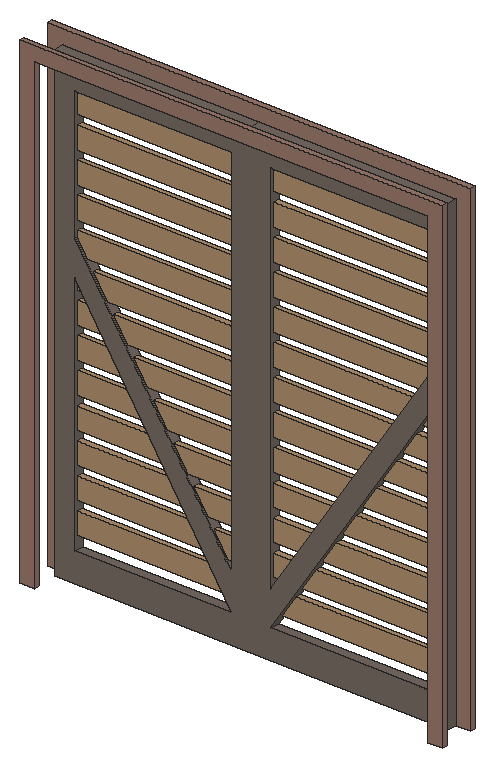
Revit family "newDecorative_Door_Panel_9294", category Doors, host Wall, Revit 2018
Family settings
  Host = Wall
  Always vertical = Yes
  Cut with Voids When Loaded = No
  Shared = No
  Room Calculation Point = No
Parameters (values of type "2000 x 2400")
  Thickness = 51.00 mm
  Function = Interior
  Door Material Inside = Door - Panel
  Door Material = Door - Panel 2
  Frame Material = Door - Frame
  Height = 2400.00 mm
  Trim Projection Ext = 25.00 mm
  Trim Projection Int = 25.00 mm
  Trim Width = 76.00 mm
  Wall Closure = By host
  Width = 2000.00 mm
  Assembly Code = ""
Types (6, lengths in mm): name | Door Material | Height | Width
  1830 x 1981mm | Door - Panel | 1981.00 | 1830.00
  1830 x 2083mm | Door - Panel | 2083.00 | 1830.00
  1830 x 2134mm | Door - Panel | 2400.00 | 2000.00
  1730 x 2134mm | Door - Panel | 2134.00 | 1730.00
  1730 x 2032mm | Door - Panel | 2032.00 | 1730.00
  2000 x 2400 | Door - Panel 2 | 2400.00 | 2000.00
Reference planes
  plane 1: y = 0
  plane 2: z = 0
  plane 3 "Center": x = 0
  plane 4 "Left": x = -1000
  plane 5 "Right": x = 1000
  plane 6 "Top": z = 2400
  plane 7: z = 2250
  plane 8: z = 1066.8
  plane 9: z = 863.6
  plane 10: z = 150
  plane 11: x = 898.4
  plane 12: x = 538.1
  plane 13: x = 461.9
  plane 14: x = 101.6
  plane 15: x = -101.6
  plane 16: x = -461.9
  plane 17: x = -538.1
  plane 18: x = -898.4
  plane 19: x = 500
  plane 20: x = -500
Forms (mm)
  Extrusion 1, solid, material "Door - Frame" <- "Frame Material"
    sketch origin (-2286, -76.2, 0) x (1, 0, 0) y (0, 0, 1)
      loop
        line (1286, 0) -> (1286, 2400) -> (3286, 2400) -> (3286, 0) -> (3362, 0) -> (3362, 2476) -> (1210, 2476) -> (1210, 0) -> (1286, 0)
    from 0 to 25
  Extrusion 2, solid, material "Door - Panel 2" <- "Door Material"
    sketch origin (-2286, 101.6, 0) x (-1, 0, 0) y (0, 0, 1)
      loop
        line (-3286, 2400) -> (-3286, 0) -> (-2286, 0) -> (-1286, 0) -> (-1286, 2400) -> (-2286, 2400) -> (-3286, 2400)
      loop
        line (-3184.4, 1396.719) -> (-3184.4, 150) -> (-2387.57, 150) -> (-3184.4, 1396.719)
      loop
        line (-2184.43, 150) -> (-1387.6, 150) -> (-1387.6, 1396.719) -> (-2184.43, 150)
      loop
        line (-3185.671, 1578.708) -> (-2387.57, 330) -> (-2387.57, 2250) -> (-3185.671, 2250) -> (-3185.671, 1578.708)
      loop
        line (-1386.329, 1578.708) -> (-1386.329, 2250) -> (-2184.43, 2250) -> (-2184.43, 330) -> (-1386.329, 1578.708)
    from -25.4 to -76.4
  Extrusion 3, solid, material "Door - Panel" <- "Door Material Inside"
    sketch origin (-2286, 76.2, 0) x (-1, 0, 0) y (0, 0, 1)
      loop
        line (-3184.4, 2250) -> (-3184.4, 2137.613) -> (-2387.57, 2137.613) -> (-2387.57, 2250) -> (-3184.4, 2250)
      loop
        line (-3184.4, 2090) -> (-3184.4, 1977.613) -> (-2387.57, 1977.613) -> (-2387.57, 2090) -> (-3184.4, 2090)
      loop
        line (-3184.4, 1930) -> (-3184.4, 1817.613) -> (-2387.57, 1817.613) -> (-2387.57, 1930) -> (-3184.4, 1930)
      loop
        line (-3184.4, 1770) -> (-3184.4, 1657.613) -> (-2387.57, 1657.613) -> (-2387.57, 1770) -> (-3184.4, 1770)
      loop
        line (-3184.4, 1610) -> (-3184.4, 1497.613) -> (-2387.57, 1497.613) -> (-2387.57, 1610) -> (-3184.4, 1610)
      loop
        line (-3184.4, 1450) -> (-3184.4, 1337.613) -> (-2387.57, 1337.613) -> (-2387.57, 1450) -> (-3184.4, 1450)
      loop
        line (-3184.4, 1290) -> (-3184.4, 1177.613) -> (-2387.57, 1177.613) -> (-2387.57, 1290) -> (-3184.4, 1290)
      loop
        line (-3184.4, 1130) -> (-3184.4, 1017.613) -> (-2387.57, 1017.613) -> (-2387.57, 1130) -> (-3184.4, 1130)
      loop
        line (-3184.4, 970) -> (-3184.4, 857.613) -> (-2387.57, 857.613) -> (-2387.57, 970) -> (-3184.4, 970)
      loop
        line (-3184.4, 810) -> (-3184.4, 697.613) -> (-2387.57, 697.613) -> (-2387.57, 810) -> (-3184.4, 810)
      loop
        line (-3184.4, 650) -> (-3184.4, 537.613) -> (-2387.57, 537.613) -> (-2387.57, 650) -> (-3184.4, 650)
      loop
        line (-3184.4, 490) -> (-3184.4, 377.613) -> (-2387.57, 377.613) -> (-2387.57, 490) -> (-3184.4, 490)
      loop
        line (-3184.4, 330) -> (-3184.4, 217.613) -> (-2387.57, 217.613) -> (-2387.57, 330) -> (-3184.4, 330)
      loop
        line (-1387.6, 2250) -> (-2184.43, 2250) -> (-2184.43, 2137.613) -> (-1387.6, 2137.613) -> (-1387.6, 2250)
      loop
        line (-1387.6, 2090) -> (-2184.43, 2090) -> (-2184.43, 1977.613) -> (-1387.6, 1977.613) -> (-1387.6, 2090)
      loop
        line (-1387.6, 1930) -> (-2184.43, 1930) -> (-2184.43, 1817.613) -> (-1387.6, 1817.613) -> (-1387.6, 1930)
      loop
        line (-1387.6, 1770) -> (-2184.43, 1770) -> (-2184.43, 1657.613) -> (-1387.6, 1657.613) -> (-1387.6, 1770)
      loop
        line (-1387.6, 1610) -> (-2184.43, 1610) -> (-2184.43, 1497.613) -> (-1387.6, 1497.613) -> (-1387.6, 1610)
      loop
        line (-1387.6, 1450) -> (-2184.43, 1450) -> (-2184.43, 1337.613) -> (-1387.6, 1337.613) -> (-1387.6, 1450)
      loop
        line (-1387.6, 1290) -> (-2184.43, 1290) -> (-2184.43, 1177.613) -> (-1387.6, 1177.613) -> (-1387.6, 1290)
      loop
        line (-1387.6, 1130) -> (-2184.43, 1130) -> (-2184.43, 1017.613) -> (-1387.6, 1017.613) -> (-1387.6, 1130)
      loop
        line (-1387.6, 970) -> (-2184.43, 970) -> (-2184.43, 857.613) -> (-1387.6, 857.613) -> (-1387.6, 970)
      loop
        line (-1387.6, 810) -> (-2184.43, 810) -> (-2184.43, 697.613) -> (-1387.6, 697.613) -> (-1387.6, 810)
      loop
        line (-1387.6, 650) -> (-2184.43, 650) -> (-2184.43, 537.613) -> (-1387.6, 537.613) -> (-1387.6, 650)
      loop
        line (-1387.6, 490) -> (-2184.43, 490) -> (-2184.43, 377.613) -> (-1387.6, 377.613) -> (-1387.6, 490)
      loop
        line (-1387.6, 330) -> (-2184.43, 330) -> (-2184.43, 217.613) -> (-1387.6, 217.613) -> (-1387.6, 330)
    from -12.7 to -38.3
  Extrusion 4, solid, material "Door - Frame" <- "Frame Material"
    sketch origin (-1524, 76.2, 0) x (-1, 0, 0) y (0, 0, 1)
      loop
        line (-2600, 2476) -> (-2600, 0) -> (-2524, 0) -> (-2524, 2400) -> (-524, 2400) -> (-524, 0) -> (-448, 0) -> (-448, 2476) -> (-2600, 2476)
    from 0 to 25
Lines and regions (mm)
  Opening 1
    outline origin (-2286, -76.2, 0) x (1, 0, 0) y (0, 0, 1)
      loop
        line (1286, 0) -> (3286, 0) -> (3286, 2400) -> (1286, 2400) -> (1286, 0)
  symbolic lines, style "Plan Swing"
    curve 1: arc (-0.741, 76.2, 0) -> (-293.751, 783.588, 0) -> (-1001.139, 1076.598, 0) r 1000.398
    curve 2: arc (-0.741, 76.2, 0) -> (292.365, 783.87, 0) -> (1000.006, 1077.045, 0) r 1000.845
  symbolic lines, style "DoorsPanelProjection"
    curve 3: line (-1001.139, 76.2, 0) -> (-949, 76.2, 0)
    curve 4: line (-1001.139, 76.2, 0) -> (-1001.139, 1076.598, 0)
    curve 5: line (1000.006, 76.2, 0) -> (949, 76.2, 0)
    curve 6: line (1000.006, 76.2, 0) -> (1000.006, 1077.045, 0)
    curve 7: line (949, 76.2, 0) -> (949, 1075.74, 0)
    curve 10: line (948.955, 1075.74, 0) -> (1000.001, 1075.74, 0)
    curve 11: line (-1001.139, 1076.598, 0) -> (-949, 1076.598, 0)
    curve 12: line (-949, 1076.598, 0) -> (-949, 76.2, 0)
  model lines, style "DoorsPanelProjection"
    curve 8: line (0, 76.2, 2400) -> (0, 76.2, 0)
    curve 9: line (0, 25.2, 2400) -> (0, 25.2, 0)
  symbolic lines, style "Elevation Swing"
    curve 13: line (0, 0, 2400) -> (1000, 0, 1200)
    curve 14: line (0, 0, 0) -> (1000, 0, 1200)
    curve 15: line (0, 0, 2400) -> (-1000, 0, 1200)
    curve 16: line (-1000, 0, 1200) -> (0, 0, 0)
Text (mm)
  text "Exterior" at (-1490.41, 693.701, 0), in view "Floor Line"
  text "Interior" at (-1482.03, -638.649, 0), in view "Floor Line"
  text "Exterior" at (0, 1019.848, 3124.603), in view "Right"
  text "Interior" at (0, -1635.541, 3124.603), in view "Right"
  text "Interior" at (0, -787.806, 2867.919), in view "Left"
  text "Exterior" at (0, 1386.095, 2867.919), in view "Left"
Dimensions and locks
  equal spacing: plane 4 "Left", plane 3 "Center", plane 5 "Right"
  "Height": plane 2 to plane 6 "Top"
  "Trim Width": Extrusion 1 sketch curve to plane 4 "Left"
  "Trim Width": Extrusion 1 sketch curve to plane 5 "Right"
  "Trim Width": Extrusion 1 sketch curve to plane 6 "Top"
  "Trim Projection Int": Extrusion 1 to host wall
  plane 11 to plane 5 "Right" = 101.60 mm
  plane 18 to plane 4 "Left" = 101.60 mm
  plane 7 to plane 6 "Top" = 150.00 mm
  plane 9 to plane 8 = 203.20 mm
  host wall to plane 10 = 150.00 mm
  plane 14 to plane 3 "Center" to plane 15 = 101.60 mm locked, 101.60 mm locked
  "Thickness": Extrusion 2 to host wall
  "Trim Projection Ext": Extrusion 4 to host wall
  locked: Extrusion 2 to Extrusion 3 at 12.7
  "Trim Width": plane 6 "Top" to Extrusion 4 sketch curve
  "Trim Width": plane 5 "Right" to Extrusion 4 sketch curve
  "Trim Width": Extrusion 4 sketch curve to plane 4 "Left"
  "Thickness": curve 7 to plane 5 "Right"
  "Width": plane 4 "Left" to plane 5 "Right"
  "Thickness": plane 4 "Left" to curve 12
  equal spacing: plane 11, plane 19, plane 14
  plane 12 to plane 19 to plane 13 = 38.10 mm locked, 38.10 mm locked
  equal spacing: plane 15, plane 20, plane 18
  plane 16 to plane 20 to plane 17 = 38.10 mm locked, 38.10 mm locked
  equal spacing: level, curve 14, plane 6 "Top"
  equal spacing: level, curve 16, plane 6 "Top"
  aligned and locked: plane 4 "Left" to Opening 1 sketch curve
  aligned and locked: plane 6 "Top" to Opening 1 sketch curve  (x2)
  aligned and locked: Opening 1 sketch curve to plane 5 "Right"
  aligned and locked: Opening 1 sketch curve to level
  aligned and locked: plane 4 "Left" to Extrusion 1 sketch curve
  aligned and locked: plane 6 "Top" to Extrusion 1 sketch curve  (x2)
  aligned and locked: plane 5 "Right" to Extrusion 1 sketch curve  (x2)
  aligned and locked: level to Extrusion 1 sketch curve
  aligned and locked: Extrusion 1 sketch curve to level
  aligned and locked: plane 2 to Extrusion 1 sketch curve
  aligned and locked: Extrusion 1 to host wall
  aligned and locked: host wall to Extrusion 2
  aligned and locked: curve 5 to Extrusion 2
  aligned and locked: curve 9 to curve 8
  aligned and locked: curve 10 to curve 7
  aligned and locked: host wall to curve 1
  aligned and locked: curve 3 to host wall
  aligned and locked: curve 11 to curve 4
Automatic sketch dimensions
  curve 12 to host wall = 0.00 mm
  curve 3 to curve 12 = 0.00 mm
  plane 4 "Left" to curve 4 = 1.139 mm
  curve 11 to curve 4 = 0.00 mm
  curve 1 to plane 3 "Center" = 0.741 mm
  curve 2 to curve 1 = 0.00 mm
  curve 10 to curve 7 = 0.045 mm
  curve 10 to plane 5 "Right" = 0.001 mm
  curve 6 to plane 5 "Right" = 0.006 mm
  curve 5 to curve 2 = 0.098 mm
  curve 13 to plane 3 "Center" = 0.00 mm
  curve 13 to plane 6 "Top" = 0.00 mm
  curve 9 to plane 3 "Center" = 0.00 mm
  curve 9 to plane 6 "Top" = 0.00 mm
  curve 8 to plane 6 "Top" = 0.00 mm
  curve 8 to level = 0.00 mm
  curve 9 to level = 0.00 mm
  curve 14 to level = 0.00 mm
  curve 16 to plane 4 "Left" = 0.00 mm
  curve 14 to plane 3 "Center" = 0.00 mm
  curve 13 to plane 5 "Right" = 0.00 mm
  Extrusion 4 sketch curve to level = 0.00 mm  (x2)
  Extrusion 4 sketch curve to plane 5 "Right" = 0.00 mm
  Extrusion 4 sketch curve to plane 4 "Left" = 0.00 mm
  Extrusion 4 sketch curve to plane 6 "Top" = 0.00 mm
  Extrusion 2 to Extrusion 3 sketch curve = 0.00 mm  (x19)
  Extrusion 3 sketch curve to Extrusion 2 = 0.00 mm  (x13)
  Extrusion 3 sketch curve to Extrusion 3 sketch curve = 112.387 mm  (x23)
  Extrusion 3 sketch curve to Extrusion 3 sketch curve = 47.613 mm  (x24)
  Extrusion 2 to Extrusion 3 sketch curve = 67.613 mm  (x2)
  Extrusion 2 to Extrusion 3 sketch curve = 796.83 mm
  Extrusion 3 sketch curve to Extrusion 3 sketch curve = 0.00 mm  (x21)
  Extrusion 3 sketch curve to Extrusion 3 sketch curve = 203.14 mm
  Extrusion 2 sketch curve to level = 0.00 mm
  plane 5 "Right" to Extrusion 2 sketch curve = 0.00 mm
  Extrusion 2 sketch curve to plane 7 = 0.00 mm  (x2)
  Extrusion 2 sketch curve to plane 10 = 0.00 mm  (x2)
  Extrusion 2 sketch curve to plane 11 = 0.00 mm
  Extrusion 2 sketch curve to plane 3 "Center" = 0.00 mm  (x2)
  Extrusion 2 sketch curve to plane 18 = 0.00 mm
  plane 4 "Left" to Extrusion 2 sketch curve = 0.00 mm
  Extrusion 2 sketch curve to plane 6 "Top" = 0.00 mm
  plane 11 to Extrusion 2 sketch curve = 1.271 mm
  Extrusion 2 sketch curve to plane 14 = 0.03 mm  (x2)
  plane 15 to Extrusion 2 sketch curve = 0.03 mm  (x2)
  Extrusion 2 sketch curve to plane 18 = 1.271 mm
  Extrusion 2 sketch curve to plane 10 = 180.00 mm  (x2)
  Extrusion 2 sketch curve to plane 8 = 329.919 mm  (x2)
  Extrusion 2 sketch curve to Extrusion 2 sketch curve = 181.989 mm  (x2)
